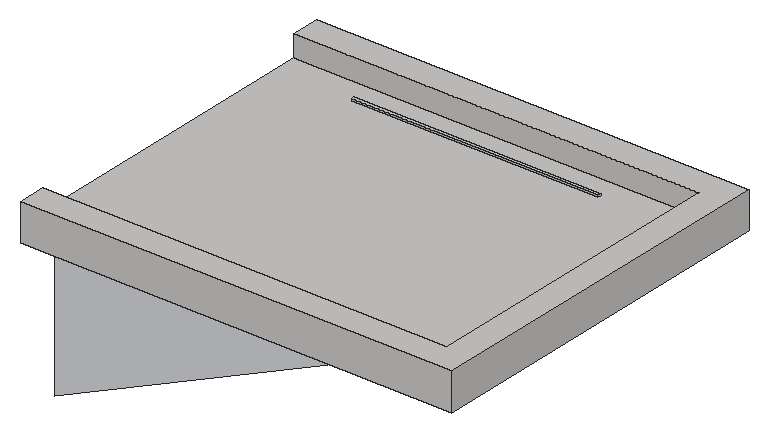
Revit family "QF_ELECTROLUXPROFESSIONAL_865300_BHHDWSS06", category Attrezzature speciali, Revit 2020
Family settings
  Quota connettore circolare = Usa diametro
  Tipo di parte = Normale
  Basato su piano di lavoro = No
  Sempre verticale = Sì
  Taglio con vuoti quando caricato = No
  Condiviso = No
  Punto di calcolo locali = No
Parameters (values of type "Standard")
  Weight = 6.00 kg
  Watts = 0 W
  Volts = 0 V
  URL Manufacturer = "https://www.electroluxprofessional.com/"
  URL = "https://www.electroluxprofessional.com/"
  Steam Supply Size = 0 mm
  Steam Supply Minimum Pressure = 0.0 Pa
  Steam Supply Maximum Pressure = 0.0 Pa
  Steam Consumption per Hour = 0
  Refrigeration Suction Line Size = 0 mm
  Refrigeration Liquid Line Size = 0 mm
  Refrigerant Compressor Remote = yes
  Prospetto di default = 0 mm
  Produttore = "Electrolux Professional"
  Phase = 0
  Modello = "BHHDWSS06"
  Length Actual = 700 mm  # constant formula
  Item Number = "865300"
  Hot Water Size = 0 mm
  Height Actual = 310 mm  # constant formula
  HP = "0 HP"
  Gas Size = 0 mm
  Gas KW = 0
  Gas Input Pressure = 0 W
  Direct Waste Size = 0 mm
  Descrizione = "DW TABLE UNLOAD&LOAD.700MM-HT ENTRY LEV."
  Depth Actual = 600 mm  # constant formula
  Cycle = 0 Hz
  Condensate Return Size = 0 mm
  Compressed Air Volume = 0.0 L/s
  Compressed Air Size = 0 mm
  Compressed Air Pressure = 0.0 Pa
  Cold Water Size = 0 mm
  Accessory = yes
Reference planes
  plane 1 "Back": y = 0
  plane 2: z = 0
  plane 3 "Left": x = 0
Forms (mm)
  Extrusion 1, solid, material "QF_Finishes_Stainless Steel"
    sketch origin (0, 0, 106.604) x (1, 0, 0) y (0, 1, 0)
      loop
        line (0, 0) -> (0, -600) -> (700, -600) -> (700, 0) -> (0, 0)
    from 145.396 to 205.396
  Extrusion 2, void
    sketch origin (-100, 0, -597.042) x (1, 0, 0) y (0, 1, 0)
      loop
        line (100, -45) -> (100, -555) -> (755, -555) -> (755, -45) -> (100, -45)
    from 874.042 to 909.042
  Extrusion 3, solid, material "QF_Finishes_Stainless Steel"
    sketch origin (-22.046, 0, -598) x (1, 0, 0) y (0, 1, 0)
      loop
        line (147.046, -80.302) -> (147.046, -85.302) -> (547.046, -85.302) -> (547.046, -80.302) -> (147.046, -80.302)
    from 875 to 878
  Extrusion 4, solid, material "QF_Finishes_Stainless Steel"
    sketch origin (-22.046, -600, -598) x (1, 0, 0) y (0, 1, 0)
      loop
        line (147.046, 80.302) -> (547.046, 80.302) -> (547.046, 85.302) -> (147.046, 85.302) -> (147.046, 80.302)
    from 875 to 878
  Extrusion 5, solid
    sketch origin (0, -69.783, -598) x (1, 0, 0) y (0, 0, 1)
      loop
        line (0, 850) -> (0, 598) -> (558.054, 850) -> (0, 850)
    from 0 to 460.435
Cuts and joins
  Extrusion 2 cuts Extrusion 1
Dimensions and locks
  Extrusion 1 to Extrusion 1 = 60 mm
  equal spacing: Extrusion 1, Extrusion 2 sketch curve, Extrusion 2 sketch curve, Extrusion 1
  equal spacing: Extrusion 1, Extrusion 2 sketch curve, Extrusion 1
  Extrusion 2 to Extrusion 2 = 35 mm
  Extrusion 2 to level = 312 mm
  Extrusion 2 to Extrusion 1 = 700 mm
  Extrusion 1 to Extrusion 1 = 600 mm
  Extrusion 1 to Extrusion 5 sketch curve = 312 mm
  Extrusion 1 to Extrusion 5 to Extrusion 5 to Extrusion 1 = 69.783 mm, 460.435 mm, 69.783 mm
  aligned and locked: level to plane 2
